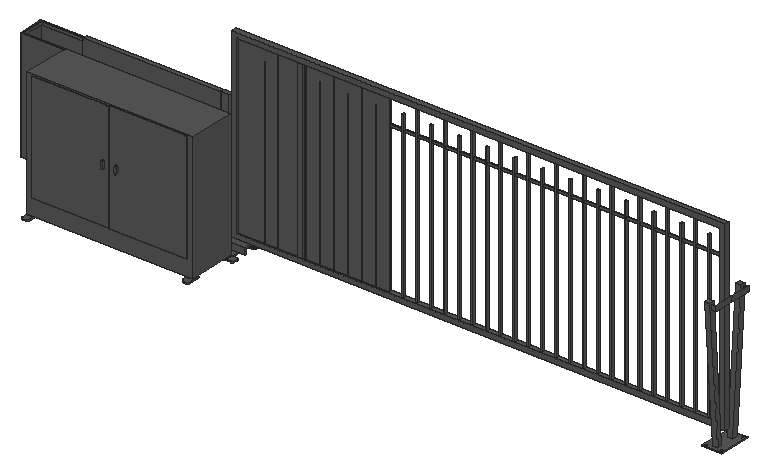
Revit family "1Construction_Fences-&-Traffic-Security_AutoGate_Ohioan-Pivot-Gates", category Specialty Equipment, Revit 2023
Family settings
  Round Connector Dimension = Use Diameter
  Part Type = Normal
  OmniClass Number = 23.25.40.21.21
  OmniClass Title = Gates
  Work Plane-Based = Yes
  Enable Cutting in Views = Yes
  Always vertical = Yes
  Cut with Voids When Loaded = No
  Maintain Annotation Orientation = No
  Shared = No
  Room Calculation Point = No
Parameters (values of type "Ohioan VPG with Finials")
  z_York Pad Clearance [instance] = and(Concrete Pad Min. Clearance, or(Yoke Option = 5, Yoke Option = 6, Yoke Option = 7))  # yes
  z_Yoke Pad 2 [instance] = if(Yoke Option = 5, 9.500", 5.500")  # 5.500"
  z_Yoke Pad 1 [instance] = if(Yoke Option = 5, 3.500", 7.500")  # 7.500"
  z_Vertical Profile Position [instance] = 6.250" + 2.000" * 6.5 + 2 * z_Distance Between Poles  # 28.8125"
  z_Type Index = 1
  z_Pole Height [instance] = Height - 7.000" - 2.000"  # 71.000"
  z_Distance Between Poles [instance] = (Length - 6.250" - 13.250" - 6.500" * (z_No of Poles - 1)) / (z_No of Poles - 1)  # 4.78125"
  z_No of Poles [instance] = roundup((Length - 6.250" - 13.250") / 11.500") + 1  # 17
  z_Mesh End Position [instance] = 6.250" + 5.000" * 6.5 + 5 * z_Distance Between Poles + 0.750"  # 63.40625"
  Yoke Options Note [instance] = "Hover over to see Yoke Options!\r\n0-None\r\n1-Style A – Post Mounted\r\n2-Style B – Post Mounted\r\n3-Style C – Offset Wall or Post Mounted\r\n4-Style D – Wall or Post Mounted\r\n5-Style DA5 – Pad Mounted\r\n6-Style E – Standard Pad Monted\r\n7-Style F – Gate Perpendicular to Wall\r\n8-Style G – Buried in the Ground\r\n9-Style H – Offset Wall or Post Mount \r\n10-Style Dual Split – Primary Reference – Used on 8” Plus Primary/Secondary Setups\r\n11-Style Dual Split – Secondary Reference – Used on 8” Plus Primary/Secondary Setups\r\n12-Style Dual Center – Used on shorter Primary/Secondary Setups"  # constant formula
  Yoke Option [instance] = 6
  Yoke Material [instance] = AutoGate - Steel - Powder Coated - Black
  Yoke [instance] = if(Yoke Option = 1, "Style A", if(Yoke Option = 2, "Style B", if(Yoke Option = 3, "Style C", if(Yoke Option = 4, "Style D", if(Yoke Option = 5, "Style DA5", if(Yoke Option = 6, "Style E", if(Yoke Option = 7, "Style F", if(Yoke Option = 8, "Style G", if(Yoke Option = 9, "Style H", if(Yoke Option = 10, "Style Dual Split - Primary Reference", if(Yoke Option = 11, "Style Dual Split - Secondary Reference", if(Yoke Option = 12, "Style Dual Center", "None"))))))))))))  # "Style E"
  Voltage [instance] = if([240VAC 1PH 20Amp], 240 V, 120 V)  # 120 V
  Version = 1  # constant formula
  URL = "https://www.autogate.com/"
  Righthand Gate [instance] = not(Lefthand Gate)  # no
  Rated Load Current [instance] = 20 A
  Product data url = "https://www.bimobject.com/en/autogate/product/ohioian-pivot-gates"
  Product Page URL = "https://www.autogate.com/vertical-pivot-gates/"
  Product Documentation Link = "https://www.itwredhead.com/portals/0/fmproductcatalog/documents/products/39/trubolttechnicaldata.pdf"
  Power Option [instance] = if([240VAC 1PH 20Amp], "240VAC 1PH 20Amp", "120VAC 1PH 20Amp")  # "120VAC 1PH 20Amp"
  Power Factor [instance] = 1
  Operator to Yoke Length [instance] = Length - 2.000" - 2.400"  # 195.600"
  Number of Poles [instance] = 1  # constant formula
  Model = if(z_Type Index = 1, "Ohioan - VPG with Finials", "Ohoian - VPG w/o Finials")  # "Ohioan - VPG with Finials"
  Lefthand Gate [instance] = yes
  Keynote = "323100"  # constant formula
  Installation instructions = "https://www.itwredhead.com/portals/0/fmproductcatalog/documents/products/95/truboltsubmittal-1.pdf"
  Geometry Note [instance] = "Geometry is generic and used for presentation only. User should contact MFR to create geometry as per wishes and local standards. User should also consult factory for gates over 8’ high as they require special crating and freight arrangements."  # constant formula
  Gate Operator Side Note [instance] = "Hover over to see Gate Operator Side Options!\r\nOptions are:\r\n - Lefthand\r\n - Righthand\r\nPlease Select correct option based on specific situation, for every instance in the project.\r\nHave in mind that left/right side is always defined looking from the Private Side of the gate.\r\nOperator maintenance doors are away in the Private Side."  # constant formula
  Operator Type [instance] = if(Lefthand Gate, "Lefthand VPG2490", "Righthand VPG2490")  # "Lefthand VPG2490"
  Operator Material [instance] = AutoGate - Steel - Powder Coated - Black
  Min Gate Length [instance] = 120.000"  # constant formula
  Min Gate Height [instance] = 48.000"  # constant formula
  Max Gate Length [instance] = 300.000"  # constant formula
  Max Gate Height [instance] = 96.000"  # constant formula
  Length Input [instance] = 200.000"
  Length [instance] = if(Length Input < Min Gate Length, Min Gate Length, if(Length Input > Max Gate Length, Max Gate Length, Length Input))  # 200.000"
  Height Input [instance] = 80.000"
  Height [instance] = if(Height Input < Min Gate Height, Min Gate Height, if(Height Input > Max Gate Height, Max Gate Height, Height Input))  # 80.000"
  Gate Material [instance] = AutoGate - Steel - Powder Coated - Black
  Manufacturer = "AutoGate"  # constant formula
  Fence Post OD Input [instance] = 0.000"
  Fence Post OD [instance] = if(or(Yoke Option = 1, Yoke Option = 2), Fence Post OD Input, 0.000")  # 0.000"
  Description = "Ohoian Vertcal Pivot Gate"  # constant formula
  Default Elevation = 0.000"
  Date Updated = "-"  # constant formula
  Date Created = "2025/09/15"  # constant formula
  Concrete Pad Min. Clearance [instance] = yes
  Barrier Screen Material [instance] = AutoGate - Steel Screen - Powder Coated - Black
  Assembly Code = "G2040100"
  Apparent Load [instance] = 0 VA
  240VAC 1PH 20Amp [instance] = no
  120VAC 1PH 20Amp [instance] = not([240VAC 1PH 20Amp])  # yes
Reference planes (in)
  plane 1 "Center (Front/Back)": y = 0
  plane 2: z = 0
  plane 3 "Center (Left/Right)": x = 0
  plane 4: x = -100
  plane 5: x = 100
  plane 6: z = 5
  plane 7: x = -71.1875
  plane 8: x = 98.625
  plane 9 "delete": z = 90
  plane 10: x = -36.59375
  plane 11: z = -36
  plane 12: y = 9
  plane 13: y = -9
  plane 14: x = 105.5
  plane 15: x = 92.5
  plane 16: y = 9.474
  plane 17: x = -173.5925
  plane 18: x = -91.5925
  plane 19: y = -38.526
  plane 20: z = 80
  plane 21: z = 7
  plane 22: z = 78
  plane 23: z = 68
  plane 24: x = -93.75
  plane 25: x = 86.75
Forms (in)
  Sweep 1, solid, material "AutoGate - Steel - Powder Coated - Black" <- "Gate Material", detail levels medium+fine
    path origin (0, 0, 0) x (1, 0, 0) y (0, 0, 1)
      loop
        line (-71.1875, 77.625) -> (-71.1875, 7.375)
    profile origin (-71.1875, 0, 42.5) x (0, -1, 0) y (1, 0, 0)
      loop
        line (-1, 0) -> (-1, -2) -> (1, -2) -> (1, 0) -> (-1, 0)
  Sweep 2, solid, material "AutoGate - Steel - Powder Coated - Black" <- "Gate Material"
    path origin (-106.3001, 0.375, 48) x (-1, 0, 0) y (0, 0, 1)
      loop
        line (-6.3001, 32) -> (-206.3001, 32) -> (-206.3001, -43) -> (-6.3001, -43) -> (-6.3001, 32)
    profile origin (0, 0.375, 80) x (0, 0, -1) y (0, 1, 0)
      loop
        line (0, -1.375) -> (2, -1.375) -> (2, 0.625) -> (0, 0.625) -> (0, -1.375)
  Extrusion 3, solid, material "AutoGate - Steel Screen - Powder Coated - Black" <- "Barrier Screen Material", detail levels medium+fine
    sketch origin (-116.90053, -180, -36) x (-1, 0, 0) y (0, -1, 0)
      loop
        line (-18.90053, -179.625) -> (-18.90053, -179.525) -> (-80.30678, -179.525) -> (-80.30678, -179.625) -> (-18.90053, -179.625)
    from 43 to 114
  Extrusion 4, solid, material "AutoGate - Steel - Powder Coated - Black" <- "Gate Material", detail levels coarse
    sketch origin (-106.3001, 0.375, 48) x (-1, 0, 0) y (0, 0, 1)
      loop
        line (-8.3001, 30) -> (-204.3001, 30) -> (-204.3001, -41) -> (-8.3001, -41) -> (-8.3001, 30)
    from -0.75 to 0
  Sweep 5, solid, material "AutoGate - Steel - Powder Coated - Black" <- "Gate Material", detail levels medium+fine
    path origin (-106.3001, 0.375, 48) x (-1, 0, 0) y (0, 0, 1)
      loop
        line (-204.3001, 20) -> (-8.3001, 20)
    profile origin (0, 0.375, 68) x (0, 0, 1) y (0, 1, 0)
      loop
        line (0, -0.75) -> (0, 0) -> (-0.75, 0) -> (-0.75, -0.75) -> (0, -0.75)
Lines and regions (in)
  Masking region 1
    outline origin (-116.90053, -180, -36) x (-1, 0, 0) y (0, -1, 0)
      loop
        line (-16.90053, -181) -> (-16.90053, -179) -> (-216.90053, -179) -> (-216.90053, -181) -> (-16.90053, -181)
  model lines, style "AutoGate_Concrete Pad Clearance", visible <- "z_York Pad Clearance"
    curve 1: line (105.5, 9, 0) -> (92.5, 9, 0)
    curve 2: line (105.5, -9, 0) -> (105.5, 9, 0)
    curve 3: line (92.5, -9, 0) -> (105.5, -9, 0)
    curve 4: line (92.5, 9, 0) -> (92.5, -9, 0)
    curve 13: line (105.5, 9, -36) -> (92.5, 9, -36)
    curve 14: line (92.5, 9, -36) -> (92.5, -9, -36)
    curve 15: line (92.5, -9, -36) -> (105.5, -9, -36)
    curve 16: line (105.5, -9, -36) -> (105.5, 9, -36)
    curve 21: line (92.5, 9, 0) -> (92.5, 9, -36)
    curve 22: line (92.5, -9, -36) -> (92.5, -9, 0)
    curve 23: line (105.5, 9, 0) -> (105.5, 9, -36)
    curve 24: line (105.5, -9, -36) -> (105.5, -9, 0)
  model lines, style "AutoGate_Concrete Pad Clearance", visible <- "Concrete Pad Min. Clearance"
    curve 5: line (-91.5925, 9.474, 0) -> (-173.5925, 9.474, 0)
    curve 6: line (-173.5925, -38.526, 0) -> (-173.5925, 9.474, 0)
    curve 7: line (-91.5925, -38.526, 0) -> (-173.5925, -38.526, 0)
    curve 8: line (-91.5925, 9.474, 0) -> (-91.5925, -38.526, 0)
    curve 9: line (-91.5925, 9.474, -36) -> (-173.5925, 9.474, -36)
    curve 10: line (-173.5925, -38.526, -36) -> (-173.5925, 9.474, -36)
    curve 11: line (-91.5925, -38.526, -36) -> (-173.5925, -38.526, -36)
    curve 12: line (-91.5925, 9.474, -36) -> (-91.5925, -38.526, -36)
    curve 17: line (-173.5925, 9.474, 0) -> (-173.5925, 9.474, -36)
    curve 18: line (-173.5925, -38.526, 0) -> (-173.5925, -38.526, -36)
    curve 19: line (-91.5925, -38.526, 0) -> (-91.5925, -38.526, -36)
    curve 20: line (-91.5925, 9.474, 0) -> (-91.5925, 9.474, -36)
Dimensions and locks (in)
  equal spacing: plane 5, plane 3 "Center (Left/Right)", plane 4
  "Length": plane 5 to plane 4
  locked: plane 6 to plane 2 at 5
  Sweep 1 sketch curve to plane 6 = 2.375"
  locked: plane 5 to plane 8 at 1.375
  "z_Vertical Profile Position": plane 7 to plane 4
  "z_Mesh End Position": plane 4 to plane 10
  locked: plane 4 to nested 2 at 2.3125
  locked: nested 2 to plane 1 "Center (Front/Back)" at 0.021
  nested 2 to nested 2 = 17.500"
  plane 2 to plane 11 = 36.000"
  locked: plane 16 to nested 2 at 3
  locked: plane 19 to plane 16 at 48
  locked: plane 17 to plane 18 at 82
  locked: plane 4 to plane 18 at 8.4075
  "z_Yoke Pad 1": plane 15 to plane 5
  "z_Yoke Pad 2": plane 5 to plane 14
  curve 3 to plane 1 "Center (Front/Back)" to curve 1 = 9.000" locked, 9.000" locked
  "Height": plane 20 to plane 2
  locked: Extrusion 4 sketch curve to plane 4 at 2
  locked: plane 5 to Extrusion 4 sketch curve at 2
  Extrusion 4 to plane 1 "Center (Front/Back)" to Extrusion 4 = 0.375" locked, 0.375" locked
  locked: plane 20 to plane 23 at 12
  "z_Pole Height": plane 22 to plane 21
  locked: plane 20 to Sweep 1 sketch curve at 2.375
  locked: plane 21 to plane 2 at 7
  locked: plane 24 to plane 4 at 6.25
  locked: plane 25 to plane 5 at 13.25
  equal spacing: group 1, group 3, group 4, group 5, group 6, group 7, group 8, group 9, group 10, group 11, group 12, group 13, group 14, group 15, group 16, group 17, group 2  (x3)
  locked: Sweep 5 sketch curve to plane 4 at 2
  locked: plane 5 to Sweep 5 sketch curve at 2
  locked: plane 4 to Extrusion 3 sketch curve at 2
  aligned and locked: level to plane 2
  aligned and locked: plane 7 to Sweep 1 sketch curve
  aligned and locked: plane 1 "Center (Front/Back)" to nested 1
  aligned and locked: nested 1 to plane 5
  aligned and locked: nested 1 to plane 2
  aligned and locked: plane 2 to nested 2
  aligned and locked: curve 2 to plane 14
  aligned and locked: curve 4 to plane 15
  aligned and locked: curve 5 to plane 16
  aligned and locked: curve 6 to plane 17
  aligned and locked: curve 7 to plane 19
  aligned and locked: curve 8 to plane 18
  aligned and locked: curve 9 to curve 5
  aligned and locked: curve 10 to plane 17
  aligned and locked: curve 11 to plane 19
  aligned and locked: curve 12 to plane 18
  aligned and locked: curve 13 to curve 1
  aligned and locked: curve 14 to curve 4
  aligned and locked: curve 15 to curve 3
  aligned and locked: curve 16 to curve 2
  aligned and locked: curve 17 to plane 16
  aligned and locked: curve 18 to plane 19
  aligned and locked: plane 19 to curve 19
  aligned and locked: plane 16 to curve 20
  aligned and locked: plane 12 to curve 21
  aligned and locked: curve 22 to plane 13
  aligned and locked: curve 23 to plane 12
  aligned and locked: curve 24 to plane 13
  aligned and locked: plane 4 to Sweep 2 sketch curve
  aligned and locked: Sweep 2 sketch curve to plane 20
  aligned and locked: Sweep 2 sketch curve to plane 6
  aligned and locked: Sweep 2 sketch curve to plane 5
  aligned and locked: plane 10 to Extrusion 3
  aligned and locked: Extrusion 3 to plane 22
  aligned and locked: plane 21 to Extrusion 3
  aligned and locked: plane 22 to Extrusion 4 sketch curve
  aligned and locked: Extrusion 4 sketch curve to plane 21
  aligned and locked: Masking region 1 sketch curve to plane 5
  aligned and locked: Masking region 1 sketch curve to plane 4
  aligned and locked: nested 3 to plane 24
  aligned and locked: nested 3 to plane 21
  aligned and locked: plane 1 "Center (Front/Back)" to nested 3
  aligned and locked: nested 4 to plane 25
  aligned and locked: nested 4 to plane 21
  aligned and locked: plane 1 "Center (Front/Back)" to nested 4
  aligned and locked: plane 23 to Sweep 5 sketch curve
  aligned and locked: Extrusion 3 sketch curve to plane 10
Automatic sketch dimensions
  Sweep 1 sketch curve to profile plane = 0.000"
  Sweep 1 sketch curve to plane 1 "Center (Front/Back)" = 1.000"
  plane 1 "Center (Front/Back)" to Sweep 1 sketch curve = 1.000"
  Sweep 1 sketch curve to Sweep 1 sketch curve = 2.000"
  curve 17 to plane 11 = 0.000"
  curve 18 to plane 11 = 0.000"
  curve 18 to level = 0.000"
  curve 17 to level = 0.000"
  curve 19 to plane 11 = 0.000"
  curve 20 to plane 11 = 0.000"
  curve 20 to level = 0.000"
  curve 19 to level = 0.000"
  curve 21 to plane 11 = 0.000"
  curve 22 to plane 11 = 0.000"
  curve 22 to level = 0.000"
  curve 21 to level = 0.000"
  curve 23 to plane 11 = 0.000"
  curve 24 to plane 11 = 0.000"
  curve 24 to level = 0.000"
  curve 23 to level = 0.000"
  Sweep 2 sketch curve to profile plane = 0.000"
  Sweep 2 sketch curve to Sweep 2 sketch curve = 2.000"  (x2)
  Sweep 2 sketch curve to profile plane = 1.375"
  Masking region 1 sketch curve to plane 1 "Center (Front/Back)" = 1.000"
  plane 1 "Center (Front/Back)" to Masking region 1 sketch curve = 1.000"
  Sweep 5 sketch curve to profile plane = 0.000"
  profile plane to Sweep 5 sketch curve = 0.000"
  profile plane to Sweep 5 sketch curve = 0.750"
  Sweep 5 sketch curve to profile plane = 0.750"
  plane 1 "Center (Front/Back)" to Extrusion 3 sketch curve = 0.475"
  Extrusion 3 sketch curve to Extrusion 3 sketch curve = 0.100"
Nested families (in)
  nested 1: "Yoke" at (100, 0, 0), Fence Post O.D. Input <- "Fence Post OD", type "Yoke"
    with Halfback Out Dia 6.250", Halfback Offset 3.000", Halfback Length B 8.094", Halfback Length A 7.500", Halfback Dia 6.000", Fence Post O.D. Input 0.000", Fence Height 80.000"
  nested 2: "Gate Operator" at (-97.5925, -23.956, 0), type "Gate Operator"
  nested 3: "Poles" at (-93.75, 0, 7), type "Poles"
    with Height 2 66.500", Height 71.000"
  nested 4: "Poles" at (86.75, 0, 7), type "Poles"
    with Height 2 66.500", Height 71.000"
  nested 5: "Poles" at (-82.46875, 0, 7), type "Poles"
    with Height 2 66.500", Height 71.000"
  nested 6: "Poles" at (-71.1875, 0, 7), type "Poles"
    with Height 2 66.500", Height 71.000"
  nested 7: "Poles" at (-59.90625, 0, 7), type "Poles"
    with Height 2 66.500", Height 71.000"
  nested 8: "Poles" at (-48.625, 0, 7), type "Poles"
    with Height 2 66.500", Height 71.000"
  nested 9: "Poles" at (-37.34375, 0, 7), type "Poles"
    with Height 2 66.500", Height 71.000"
  nested 10: "Poles" at (-26.0625, 0, 7), type "Poles"
    with Height 2 66.500", Height 71.000"
  nested 11: "Poles" at (-14.78125, 0, 7), type "Poles"
    with Height 2 66.500", Height 71.000"
  nested 12: "Poles" at (-3.5, 0, 7), type "Poles"
    with Height 2 66.500", Height 71.000"
  nested 13: "Poles" at (7.78125, 0, 7), type "Poles"
    with Height 2 66.500", Height 71.000"
  nested 14: "Poles" at (19.0625, 0, 7), type "Poles"
    with Height 2 66.500", Height 71.000"
  nested 15: "Poles" at (30.34375, 0, 7), type "Poles"
    with Height 2 66.500", Height 71.000"
  nested 16: "Poles" at (41.625, 0, 7), type "Poles"
    with Height 2 66.500", Height 71.000"
  nested 17: "Poles" at (52.90625, 0, 7), type "Poles"
    with Height 2 66.500", Height 71.000"
  nested 18: "Poles" at (64.1875, 0, 7), type "Poles"
    with Height 2 66.500", Height 71.000"
  nested 19: "Poles" at (75.46875, 0, 7), type "Poles"
    with Height 2 66.500", Height 71.000"
Connectors (in)
  electrical at (-164.7675, -14.206, 26.4637), driven by "Number of Poles", driven by "Voltage", driven by "Power Factor", driven by "Apparent Load"
    settings: on nested 2, index 1, voltage 120 V, apparent load 0 VA, apparent load phase1 0 VA, apparent load phase2 0 VA, apparent load phase3 0 VA, power factor 1, load classification "Power", number of poles 1, system type 31, power factor state 1, is connector primary yes, connector utility no, sub classification motor no, connector description "Power"
Definition of nested family "Yoke"
  Parameters (values of type "Yoke")
    Void Bottom G = if(Type_Index = 8, 0.000", 3.000")  # 3.000"
    Void E_F_G = if(or(Type_Index = 6, Type_Index = 7, Type_Index = 8, Type_Index = 6), 0.250", 0.000")  # 0.250"
    Void DA5 = if(Type_Index = 5, 0.250", 0.000")  # 0.000"
    Void D = if(Type_Index = 4, 2.500", 1.000")  # 1.000"
    Void Bottom = if(or(Type_Index = 6, Type_Index = 7, Type_Index = 8), 4.000", if(Type_Index = 8, 2.000", 0.000"))  # 4.000"
    Top Br Offset B_F = if(Type_Index = 7, 5.131", 5.250")  # 5.250"
    Top Br B_F = if(or(Type_Index = 2, Type_Index = 7), 1 = 1, 1 = 0)  # no
    Top Br A_D_DA5_E_G = if(or(Type_Index = 1, Type_Index = 4, Type_Index = 5, Type_Index = 6, Type_Index = 8), 1 = 1, 1 = 0)  # yes
    Post R-F = if(Type_Index = 7, 1 = 1, 1 = 0)  # no
    Post R = if(or(Type_Index = 1, Type_Index = 4, Type_Index = 5, Type_Index = 6, Type_Index = 8), 1 = 1, 1 = 0)  # yes
    Halfback Out Dia [instance] = if(A, Halfback Dia + 0.220", Halfback Dia + 0.250")  # 6.250"
    H = if(Type_Index = 9, 1 = 1, 1 = 0)  # no
    Post L = if(or(Type_Index = 0, Type_Index = 10, Type_Index > 9), 1 = 0, 1 = 1)  # yes
    Halfback Length B [instance] = Halfback Dia + 2.094"  # 8.094"
    Halfback Length A [instance] = Halfback Dia + 1.500"  # 7.500"
    G = if(Type_Index = 8, 1 = 1, 1 = 0)  # no
    F = if(Type_Index = 7, 1 = 1, 1 = 0)  # no
    E = if(Type_Index = 6, 1 = 1, 1 = 0)  # yes
    DS_P = if(Type_Index = 11, 1 = 1, 1 = 0)  # no
    DS_S = if(Type_Index = 10, 1 = 1, 1 = 0)  # no
    DC_DS = or(DS_S, DC, DS_P)  # no
    DC = if(Type_Index = 12, 1 = 1, 1 = 0)  # no
    B = if(Type_Index = 2, 1 = 1, 1 = 0)  # no
    Halfback Offset [instance] = Halfback Dia / 2  # 3.000"
    A = if(Type_Index = 1, 1 = 1, 1 = 0)  # no
    DA5 = if(Type_Index = 5, 1 = 1, 1 = 0)  # no
    Bottom Plate Offset = if(Type_Index = 5, 1.000", if(or(Type_Index = 6, Type_Index = 7), 5.000", 0.000"))  # 5.000"
    Bottom Plate = if(or(Type_Index = 5, Type_Index = 6, Type_Index = 7), 1 = 1, 1 = 0)  # yes
    C = if(Type_Index = 3, 1 = 1, 1 = 0)  # no
    Bottom Br A_D_DA5 = if(or(Type_Index = 1, Type_Index = 4, Type_Index = 5), 1 = 1, 1 = 0)  # no
    Halfback Dia [instance] = if(and(A, Fence Post O.D. Input < 2.000"), 2.000", if(and(A, Fence Post O.D. Input > 8.000"), 8.000", if(A, Fence Post O.D. Input, if(and(B, Fence Post O.D. Input < 2.000"), 2.020", if(and(B, Fence Post O.D. Input > 8.000"), 8.020", if(B, Fence Post O.D. Input + 0.020", 6.000"))))))  # 6.000"
    Type_Index = 6
    Material = none
    Fence Post O.D. Input [instance] = 0.000"
    Fence Height = 84.000"
    Default Elevation = 0.000"
  Reference planes (in)
    plane 1 "Center (Front/Back)": y = 0
    plane 2: z = 0
    plane 3 "Center (Left/Right)": x = 0
    plane 4: z = 54.5
    plane 5: x = -2
    plane 6: z = 0.25
    plane 7: x = -4
    plane 8: x = -6
    plane 9: z = 54
    plane 10: z = 52
    plane 11: y = -8.25
    plane 12: y = 8.25
    plane 13: x = 2
    plane 14: z = 9
    plane 15: z = 11
    plane 16: y = -5.25
    plane 17: y = 5.25
    plane 18: x = 5
    plane 19: y = 3.75
    plane 20: y = -3.75
    plane 21: z = 54.125
    plane 22: z = 51.875
    plane 23: z = 11.125
    plane 24: z = 8.875
    plane 25: y = -4.949
    plane 26: x = 1.5
    plane 27: x = 1.75
    plane 28: y = 8.25
    plane 29: x = 4.047
    plane 30: x = -4.047
    plane 31: x = 1
    plane 32: x = 2
    plane 33: x = 4
    plane 34: x = 2.875
    plane 35: x = 3.125
    plane 36: z = 0
    plane 37: z = -0.25
    plane 38: x = -5
    plane 39: z = 0.25
    plane 40: z = 0
    plane 41: z = 0.5
    plane 42: x = -3
    plane 43: x = -5
    plane 44: z = -36
    plane 45: z = 5
    plane 46: z = 44.5
    plane 47: z = 84
    plane 48: z = 35.69506
    plane 49: z = 33.29506
    plane 50: z = 53.30494
    plane 51: z = 55.70494
    plane 52: z = 62.5
    plane 53: z = 26.5
    plane 54: z = 12.875
    plane 55: z = 76.125
  Forms (in)
    Extrusion 1, solid, material <- "Material", visible <- "Post L"
      sketch origin (0, 0, 0) x (0, 1, 0) y (0, 0, 1)
        loop
          line (-6.73765, 54.5) -> (-8.73277, 54.36049) -> (-4.949, 0.25) -> (-2.94412, 0.25) -> (-6.73765, 54.5)
      from -2 to 0
    Extrusion 2, solid, material <- "Material", visible <- "Post R"
      sketch origin (0, 0, 0) x (0, -1, 0) y (0, 0, -1)
        loop
          line (-6.73808, -54.5) -> (-2.94455, -0.25) -> (-4.94944, -0.25) -> (-8.73321, -54.36049) -> (-6.73808, -54.5)
      from -2 to 0
    Extrusion 3, void
      sketch origin (0, 0, 0) x (0, 1, 0) y (0, 0, 1)
        loop
          line (-3.28646, 5.13951) -> (-5.28159, 5) -> (-5.28159, 0) -> (5.28159, 0) -> (5.28159, 5) -> (3.28646, 5.13951) -> (-3.28646, 5.13951)
      from -4 to -6
    Extrusion 4, solid, material <- "Material", visible <- "Top Br A_D_DA5_E_G"
      sketch origin (0, 0, 0) x (1, 0, 0) y (0, 1, 0)
        loop
          line (0, -8) -> (0, -8.25) -> (2, -8.25) -> (2, 0) -> (2, 8.25) -> (0, 8.25) -> (0, 8) -> (1.75, 8) -> (1.75, 0) -> (1.75, -8) -> (0, -8)
      from 52 to 54
    Extrusion 5, solid, material <- "Material", visible <- "Bottom Br A_D_DA5"
      sketch origin (0, 0, 0) x (1, 0, 0) y (0, 1, 0)
        loop
          line (0, -5) -> (0, -5.25) -> (2, -5.25) -> (2, 0) -> (2, 5.25) -> (0, 5.25) -> (0, 5) -> (1.75, 5) -> (1.75, 0) -> (1.75, -5) -> (0, -5)
      from 9 to 11
    Extrusion 6, solid, material <- "Material", visible <- "A"
      sketch origin (0, 0, 0) x (1, 0, 0) y (0, 1, 0)
        loop
          line (4.72637, 2.9766) -> (4.72637, 3.75) -> (4.63262, 3.75) -> (4.63262, 3.0898)
          arc (4.63262, 3.0898) -> (1.97537, 0) -> (4.63262, -3.0898) r 3.125
          line (4.63262, -3.0898) -> (4.63262, -3.75) -> (4.72637, -3.75) -> (4.72637, -2.9766)
          arc (4.72637, -2.9766) -> (2.10037, 0) -> (4.72637, 2.9766) r 3
        loop
          line (5.27363, -2.9766) -> (5.27363, -3.75) -> (5.36738, -3.75) -> (5.36738, -3.0898)
          arc (5.36738, -3.0898) -> (8.02463, 0) -> (5.36738, 3.0898) r 3.125
          line (5.36738, 3.0898) -> (5.36738, 3.75) -> (5.27363, 3.75) -> (5.27363, 2.9766)
          arc (5.27363, 2.9766) -> (7.89963, 0) -> (5.27363, -2.9766) r 3
      from 51.875 to 54.125
    Extrusion 7, solid, material <- "Material", visible <- "A"
      sketch origin (0, 0, -20) x (1, 0, 0) y (0, 1, 0)
        loop
          line (4.72637, 2.9766) -> (4.72637, 3.75) -> (4.63262, 3.75) -> (4.63262, 3.0898)
          arc (4.63262, 3.0898) -> (1.97537, 0) -> (4.63262, -3.0898) r 3.125
          line (4.63262, -3.0898) -> (4.63262, -3.75) -> (4.72637, -3.75) -> (4.72637, -2.9766)
          arc (4.72637, -2.9766) -> (2.10037, 0) -> (4.72637, 2.9766) r 3
        loop
          line (5.27363, -2.9766) -> (5.27363, -3.75) -> (5.36738, -3.75) -> (5.36738, -3.0898)
          arc (5.36738, -3.0898) -> (8.02463, 0) -> (5.36738, 3.0898) r 3.125
          line (5.36738, 3.0898) -> (5.36738, 3.75) -> (5.27363, 3.75) -> (5.27363, 2.9766)
          arc (5.27363, 2.9766) -> (7.89963, 0) -> (5.27363, -2.9766) r 3
      from 28.875 to 31.125
    Extrusion 8, solid, material <- "Material", visible <- "B"
      sketch origin (0, 0, 0) x (0, 1, 0) y (0, 0, 1)
        loop
          line (-1, 54) -> (-1, 9) -> (1, 9) -> (1, 54) -> (-1, 54)
      from 1.5 to 1.75
    Extrusion 9, solid, material <- "Material", visible <- "Top Br B_F"
      sketch origin (0, 0, 0) x (1, 0, 0) y (0, 1, 0)
        loop
          line (0, -7.24946) -> (2, -7.24946) -> (2, 5.25) -> (0, 5.25) -> (0, 5) -> (1.75, 5) -> (1.75, -6.99946) -> (0, -6.99946) -> (0, -7.24946)
      from 52 to 54
    Extrusion 10, solid, material <- "Material", visible <- "B"
      sketch origin (0, 0, 0) x (1, 0, 0) y (0, 1, 0)
        loop
          line (0, -5.25) -> (2, -5.25) -> (2, 5.25) -> (0, 5.25) -> (0, 5) -> (1.75, 5) -> (1.75, -5) -> (0, -5) -> (0, -5.25)
      from 9 to 11
    Extrusion 11, solid, material <- "Material", visible <- "B"
      sketch origin (0, 0, 0) x (1, 0, 0) y (0, 1, 0)
        loop
          arc (3.06198, 8.74037) -> (0, 11.24094) -> (-3.06198, 8.74037) r 3.125
          line (-3.06198, 8.74037) -> (-4.047, 8.74037) -> (-4.047, 8.61537) -> (-2.95814, 8.61537)
          arc (-2.95814, 8.61537) -> (0, 11.11594) -> (2.95814, 8.61537) r 3
          line (2.95814, 8.61537) -> (4.047, 8.61537) -> (4.047, 8.74037) -> (3.06198, 8.74037)
        loop
          arc (-3.06176, 7.75963) -> (0, 5.26014) -> (3.06176, 7.75963) r 3.125
          line (3.06176, 7.75963) -> (4.047, 7.75963) -> (4.047, 7.88463) -> (2.95795, 7.88463)
          arc (2.95795, 7.88463) -> (0, 5.38514) -> (-2.95795, 7.88463) r 3
          line (-2.95795, 7.88463) -> (-4.047, 7.88463) -> (-4.047, 7.75963) -> (-3.06176, 7.75963)
      from 51.875 to 54.125
    Extrusion 12, solid, material <- "Material", visible <- "B"
      sketch origin (0, 0, 0) x (1, 0, 0) y (0, 1, 0)
        loop
          arc (3.06198, 8.74037) -> (0, 11.24094) -> (-3.06198, 8.74037) r 3.125
          line (-3.06198, 8.74037) -> (-4.047, 8.74037) -> (-4.047, 8.61537) -> (-2.95814, 8.61537)
          arc (-2.95814, 8.61537) -> (0, 11.11594) -> (2.95814, 8.61537) r 3
          line (2.95814, 8.61537) -> (4.047, 8.61537) -> (4.047, 8.74037) -> (3.06198, 8.74037)
        loop
          arc (-3.06176, 7.75963) -> (0, 5.26014) -> (3.06176, 7.75963) r 3.125
          line (3.06176, 7.75963) -> (4.047, 7.75963) -> (4.047, 7.88463) -> (2.95795, 7.88463)
          arc (2.95795, 7.88463) -> (0, 5.38514) -> (-2.95795, 7.88463) r 3
          line (-2.95795, 7.88463) -> (-4.047, 7.88463) -> (-4.047, 7.75963) -> (-3.06176, 7.75963)
      from 8.875 to 11.125
    Extrusion 13, void
      sketch origin (0, 0, 0) x (0, 1, 0) y (0, 0, 1)
        loop
          circle (-0.49956, 53.5) r 0.1405
        loop
          circle (0.50044, 52.5) r 0.1405
        loop
          circle (-0.49956, 10.5) r 0.1405
        loop
          circle (0.50044, 9.5) r 0.1405
      from 0 to 1
    Extrusion 14, solid, material <- "Material", visible <- "DA5"
      sketch origin (0, 0, 0) x (0, 1, 0) y (0, 0, 1)
        loop
          line (-6.73765, 54.5) -> (-8.73277, 54.36049) -> (-5.28115, 5.00003) -> (-3.28603, 5.13954) -> (-6.73765, 54.5)
        loop
          line (6.73765, 54.5) -> (3.28603, 5.13954) -> (5.28115, 5.00003) -> (8.73277, 54.36049) -> (6.73765, 54.5)
      from 2 to 4
    Extrusion 15, solid, material <- "Material", visible <- "DA5"
      sketch origin (0, 0, 0) x (1, 0, 0) y (0, 1, 0)
        loop
          line (2, -8) -> (0.25, -8) -> (0.25, 0) -> (0.25, 8) -> (2, 8) -> (2, 8.25) -> (0, 8.25) -> (0, 0) -> (0, -8.25) -> (2, -8.25) -> (2, -8)
      from 52 to 54
    Extrusion 16, solid, material <- "Material", visible <- "DA5"
      sketch origin (0, 0, 0) x (1, 0, 0) y (0, 1, 0)
        loop
          line (2, -5) -> (0.25, -5) -> (0.25, 0) -> (0.25, 5) -> (2, 5) -> (2, 5.25) -> (0, 5.25) -> (0, 0) -> (0, -5.25) -> (2, -5.25) -> (2, -5)
      from 9 to 11
    Extrusion 17, solid, material <- "Material", visible <- "DA5"
      sketch origin (0, 0, 0) x (1, 0, 0) y (0, 1, 0)
        loop
          arc (2.375, 1.99746) -> (2.10983, 1.88762) -> (2, 1.62246) r 0.375
          line (2, 1.62246) -> (2, -1.62246)
          arc (2, -1.62246) -> (2.10983, -1.88762) -> (2.375, -1.99746) r 0.375
          line (2.375, -1.99746) -> (3.625, -1.99746)
          arc (3.625, -1.99746) -> (3.89017, -1.88762) -> (4, -1.62246) r 0.375
          line (4, -1.62246) -> (4, 1.62246)
          arc (4, 1.62246) -> (3.89017, 1.88762) -> (3.625, 1.99746) r 0.375
          line (3.625, 1.99746) -> (2.375, 1.99746)
      from 0.25 to 54.5
    Extrusion 18, solid, material <- "Material", visible <- "Bottom Plate"
      sketch origin (0, 0, 0) x (1, 0, 0) y (0, 1, 0)
        loop
          line (3, 6.5) -> (-5, 6.5) -> (-5, -6.5) -> (3, -6.5) -> (3, 6.5)
      from 0 to 0.25
    Extrusion 19, solid, material <- "Material", visible <- "DA5"
      sketch origin (0, 0, 0) x (0, 1, 0) y (0, 0, 1)
        loop
          line (-2, 4.5) -> (-4.25, 2.25) -> (-4.25, 0.25) -> (-2, 0.25) -> (-2, 4.5)
        loop
          line (4.25, 0.25) -> (4.25, 2.25) -> (2, 4.5) -> (2, 0.25) -> (4.25, 0.25)
      from 2.875 to 3.125
    Extrusion 20, void
      sketch origin (0, 0, 0) x (1, 0, 0) y (0, 1, 0)
        loop
          circle (0, 0) r 0.3125
        loop
          circle (6, 0) r 0.3125
        loop
          circle (3, 5.5) r 0.3125
        loop
          circle (3, -5.5) r 0.3125
      from -0.25 to 0
    Extrusion 21, void
      sketch origin (0, 0, 0) x (1, 0, 0) y (0, 1, 0)
        loop
          circle (-4, 5.5) r 0.406
        loop
          circle (2, 5.5) r 0.406
        loop
          circle (2, -5.5) r 0.406
        loop
          circle (-4, -5.5) r 0.406
      from 0 to 0.25
    Extrusion 22, solid, material <- "Material", visible <- "Post R-F"
      sketch origin (0, 0, 0) x (0, 1, 0) y (0, 0, 1)
        loop
          line (4.00044, 54.5) -> (4.00044, 0.25) -> (6.00044, 0.25) -> (6.00044, 54.5) -> (4.00044, 54.5)
      from -2 to 0
    Extrusion 23, solid, material <- "Material", visible <- "H"
      sketch origin (0, 0, 0) x (0, 1, 0) y (0, 0, 1)
        loop
          line (4.00044, 54) -> (4.00044, 9) -> (6.00044, 9) -> (6.00044, 54) -> (4.00044, 54)
      from 1.5 to 1.75
    Extrusion 24, solid, material <- "Material", visible <- "H"
      sketch origin (0, 0, 0) x (1, 0, 0) y (0, 1, 0)
        loop
          line (0, -7.25) -> (2, -7.25) -> (2, 9.25) -> (-2.25, 9.25) -> (-2.25, 9) -> (1.75, 9) -> (1.75, -7) -> (0, -7) -> (0, -7.25)
      from 52 to 54
    Extrusion 25, solid, material <- "Material", visible <- "H"
      sketch origin (0, 0, 0) x (1, 0, 0) y (0, 1, 0)
        loop
          line (-2.25, 9) -> (1.75, 9) -> (1.75, -5) -> (0, -5) -> (0, -5.25) -> (2, -5.25) -> (2, 9.25) -> (-2.25, 9.25) -> (-2.25, 9)
      from 9 to 11
    Extrusion 26, void
      sketch origin (0, 0, 0) x (0, 1, 0) y (0, 0, 1)
        loop
          line (-5.25, 0) -> (5.25, 0) -> (5.25, 0.5) -> (-5.25, 0.5) -> (-5.25, 0)
      from -5 to -3
    Extrusion 27, solid, material <- "Material", visible <- "G"
      sketch origin (0, 0, 0) x (0, 1, 0) y (0, 0, 1)
        loop
          line (5.25, 0.5) -> (-5.25, 0.5) -> (-5.25, 0) -> (5.25, 0) -> (5.25, 0.5)
      from -5 to -3
    Extrusion 28, solid, material <- "Material", visible <- "G"
      sketch origin (0, 0, 0) x (1, 0, 0) y (0, 1, 0)
        loop
          line (-5, 1) -> (-5, -1) -> (0, -1) -> (0, 1) -> (-5, 1)
      from -36 to 0
    Extrusion 29, solid, material <- "Material", visible <- "G"
      sketch origin (0, 0, 0) x (0, 1, 0) y (0, 0, 1)
        loop
          line (-3.99956, -28.73012) -> (-3.99956, -29.48012) -> (4.00044, -29.48012) -> (4.00044, -28.73012) -> (-3.99956, -28.73012)
      from -5.75 to -5
    Extrusion 30, solid, material <- "Material", visible <- "C"
      sketch origin (0, 0, 0) x (1, 0, 0) y (0, 1, 0)
        loop
          line (0, -7.24999) -> (2, -7.24999) -> (2, 4.75) -> (6, 4.75) -> (6, 5) -> (1.75, 5) -> (1.75, -6.99999) -> (0, -6.99999) -> (0, -7.24999)
      from 52 to 54
    Extrusion 31, solid, material <- "Material", visible <- "C"
      sketch origin (0, 0, 0) x (1, 0, 0) y (0, 1, 0)
        loop
          line (2, 4.75) -> (6, 4.75) -> (6, 5) -> (1.75, 5) -> (1.75, -5) -> (0, -5) -> (0, -5.25) -> (2, -5.25) -> (2, 4.75)
      from 9 to 11
    Extrusion 32, solid, material <- "Material", visible <- "DC"
      sketch origin (0, 0, 0) x (1, 0, 0) y (0, 1, 0)
        loop
          line (1.6, 3.25) -> (0, 3.25) -> (0, -3.25) -> (1.6, -3.25) -> (1.6, -3.05) -> (0.2, -3.05) -> (0.2, 3.05) -> (1.6, 3.05) -> (1.6, 3.25)
      from 33.29506 to 35.69506
    Extrusion 33, solid, material <- "Material", visible <- "DC"
      sketch origin (0, 0, 0) x (1, 0, 0) y (0, 1, 0)
        loop
          line (-3.4, 3.25) -> (-5, 3.25) -> (-5, -3.25) -> (-3.4, -3.25) -> (-3.4, -3.05) -> (-4.8, -3.05) -> (-4.8, 3.05) -> (-3.4, 3.05) -> (-3.4, 3.25)
      from 53.30494 to 55.70494
    Sweep 34, solid, material <- "Material", visible <- "DC"
      path origin (0, 0, 0) x (0, 1, 0) y (0, 0, 1)
        loop
          line (4.52916, 62.5) -> (3.05, 56.5) -> (3.05, 32.5) -> (4.52916, 26.5)
      profile origin (0, 3.05, 44.5) x (1, 0, 0) y (0, 1, 0)
        loop
          line (3.2, 0) -> (3.2, 0.875) -> (3.1, 0.875) -> (3.1, 0.1) -> (1.7, 0.1) -> (1.7, 0.875) -> (1.6, 0.875) -> (1.6, 0) -> (3.2, 0)
    Sweep 35, solid, material <- "Material", visible <- "DC"
      path origin (0, 0, 0) x (0, 1, 0) y (0, 0, 1)
        loop
          line (-4.52916, 62.5) -> (-3.05, 56.5) -> (-3.05, 32.5) -> (-4.52916, 26.5)
      profile origin (0, -3.05, 44.5) x (1, 0, 0) y (0, 1, 0)
        loop
          line (3.2, 0) -> (1.6, 0) -> (1.6, -0.875) -> (1.7, -0.875) -> (1.7, -0.1) -> (3.1, -0.1) -> (3.1, -0.875) -> (3.2, -0.875) -> (3.2, 0)
    Extrusion 36, solid, material <- "Material", visible <- "DS_S"
      sketch origin (0, 0, 0) x (1, 0, 0) y (0, 1, 0)
        loop
          line (1.6, 3.25) -> (0, 3.25) -> (0, -3.25) -> (1.6, -3.25) -> (1.6, -3.05) -> (0.2, -3.05) -> (0.2, 3.05) -> (1.6, 3.05) -> (1.6, 3.25)
      from 11.275 to 14.475
    Sweep 37, solid, material <- "Material", visible <- "DS_S"
      path origin (0, 0, 0) x (0, 1, 0) y (0, 0, 1)
        loop
          line (4.30729, 20.75) -> (3.05, 15.65) -> (3.05, 10.1) -> (4.30729, 5)
      profile origin (0, 3.05, 12.875) x (1, 0, 0) y (0, 1, 0)
        loop
          line (1.6, 0) -> (3.2, 0) -> (3.2, 0.875) -> (3.1, 0.875) -> (3.1, 0.1) -> (1.7, 0.1) -> (1.7, 0.875) -> (1.6, 0.875) -> (1.6, 0)
    Sweep 38, solid, material <- "Material", visible <- "DS_S"
      path origin (0, 0, 0) x (0, 1, 0) y (0, 0, 1)
        loop
          line (-4.30729, 20.75) -> (-3.05, 15.65) -> (-3.05, 10.1) -> (-4.30729, 5)
      profile origin (0, -3.05, 12.875) x (1, 0, 0) y (0, 1, 0)
        loop
          line (1.6, -0.875) -> (1.7, -0.875) -> (1.7, -0.1) -> (3.1, -0.1) -> (3.1, -0.875) -> (3.2, -0.875) -> (3.2, 0) -> (1.6, 0) -> (1.6, -0.875)
    Extrusion 39, solid, material <- "Material", visible <- "DS_P"
      sketch origin (0, 0, 0) x (1, 0, 0) y (0, 1, 0)
        loop
          line (1.6, 3.25) -> (0, 3.25) -> (0, -3.25) -> (1.6, -3.25) -> (1.6, -3.05) -> (0.2, -3.05) -> (0.2, 3.05) -> (1.6, 3.05) -> (1.6, 3.25)
      from 74.525 to 77.725
    Sweep 40, solid, material <- "Material", visible <- "DS_P"
      path origin (0, 0, 0) x (0, 1, 0) y (0, 0, 1)
        loop
          line (4.30729, 68.25) -> (3.05, 73.35) -> (3.05, 78.9) -> (4.30729, 84)
      profile origin (0, 3.05, 76.125) x (0, -1, 0) y (1, 0, 0)
        loop
          line (-0.875, 3.2) -> (-0.875, 3.1) -> (-0.1, 3.1) -> (-0.1, 1.7) -> (-0.875, 1.7) -> (-0.875, 1.6) -> (0, 1.6) -> (0, 3.2) -> (-0.875, 3.2)
    Sweep 41, solid, material <- "Material", visible <- "DS_P"
      path origin (0, 0, 0) x (0, 1, 0) y (0, 0, 1)
        loop
          line (-4.30729, 68.25) -> (-3.05, 73.35) -> (-3.05, 78.9) -> (-4.30729, 84)
      profile origin (0, -3.05, 76.125) x (0, -1, 0) y (1, 0, 0)
        loop
          line (0.875, 1.6) -> (0.875, 1.7) -> (0.1, 1.7) -> (0.1, 3.1) -> (0.875, 3.1) -> (0.875, 3.2) -> (0, 3.2) -> (0, 1.6) -> (0.875, 1.6)
  Cuts and joins
    Extrusion 3, Extrusion 26 cuts Extrusion 1
    Extrusion 3, Extrusion 26 cuts Extrusion 2
    Extrusion 13 cuts Extrusion 4
    Extrusion 13 cuts Extrusion 5
    Extrusion 20, Extrusion 21 cuts Extrusion 18
  Lines and regions (in)
    Masking region 1, visible <- "Top Br A_D_DA5_E_G"
      outline origin (0, 0, 0) x (1, 0, 0) y (0, 1, 0)
        loop
          line (0, 8) -> (1.75, 8) -> (1.75, 0) -> (1.75, -8) -> (0, -8) -> (0, -8.25) -> (2, -8.25) -> (2, 0) -> (2, 8.25) -> (0, 8.25) -> (0, 8)
    Masking region 2, visible <- "Top Br A_D_DA5_E_G"
      outline origin (0, 0, 0) x (1, 0, 0) y (0, 1, 0)
        loop
          line (0, -5) -> (0, -5.25) -> (1.75, -5.25) -> (1.75, -5) -> (0, -5)
        loop
          line (1.75, 5) -> (1.75, 5.25) -> (0, 5.25) -> (0, 5) -> (1.75, 5)
    Masking region 3, visible <- "Post R"
      outline origin (0, 0, 0) x (1, 0, 0) y (0, 1, 0)
        loop
          line (-2, 8.73321) -> (-2, 6.73808) -> (0, 6.73808) -> (0, 8.73321) -> (-2, 8.73321)
    Masking region 4, visible <- "Post R"
      outline origin (0, 0, 0) x (1, 0, 0) y (0, 1, 0)
        loop
          line (-2, 3.28646) -> (0, 3.28646) -> (0, 6.73808) -> (-2, 6.73808) -> (-2, 3.28646)
    Masking region 5, visible <- "Post L"
      outline origin (0, 0, 0) x (1, 0, 0) y (0, 1, 0)
        loop
          line (-2, -8.73321) -> (0, -8.73321) -> (0, -6.73808) -> (-2, -6.73808) -> (-2, -8.73321)
    Masking region 6, visible <- "Post L"
      outline origin (0, 0, 0) x (1, 0, 0) y (0, 1, 0)
        loop
          line (0, -6.73808) -> (0, -3.28603) -> (-2, -3.28603) -> (-2, -6.73808) -> (0, -6.73808)
    Masking region 7, visible <- "A"
      outline origin (0, 0, 0) x (1, 0, 0) y (0, 1, 0)
        loop
          line (4.72637, 2.9766) -> (4.72637, 3.75) -> (4.63262, 3.75) -> (4.63262, 3.0898)
          arc (4.63262, 3.0898) -> (1.97537, 0) -> (4.63262, -3.0898) r 3.125
          line (4.63262, -3.0898) -> (4.63262, -3.75) -> (4.72637, -3.75) -> (4.72637, -2.9766)
          arc (4.72637, -2.9766) -> (2.10037, 0) -> (4.72637, 2.9766) r 3
        loop
          line (5.27363, -2.9766) -> (5.27363, -3.75) -> (5.36738, -3.75) -> (5.36738, -3.0898)
          arc (5.36738, -3.0898) -> (8.02463, 0) -> (5.36738, 3.0898) r 3.125
          line (5.36738, 3.0898) -> (5.36738, 3.75) -> (5.27363, 3.75) -> (5.27363, 2.9766)
          arc (5.27363, 2.9766) -> (7.89963, 0) -> (5.27363, -2.9766) r 3
    Masking region 8, visible <- "Top Br B_F"
      outline origin (0, 0, 0) x (1, 0, 0) y (0, 1, 0)
        loop
          line (0, -7.24946) -> (2, -7.24946) -> (2, 5.25) -> (0, 5.25) -> (0, 5) -> (1.75, 5) -> (1.75, -6.99946) -> (0, -6.99946) -> (0, -7.24946)
    Masking region 9, visible <- "B"
      outline origin (0, 0, 0) x (1, 0, 0) y (0, 1, 0)
        loop
          line (0, -5.25) -> (1.75, -5.25) -> (1.75, -5) -> (0, -5) -> (0, -5.25)
    Masking region 10, visible <- "B"
      outline origin (0, 0, 0) x (1, 0, 0) y (0, 1, 0)
        loop
          arc (3.06198, 8.74037) -> (0, 11.24094) -> (-3.06198, 8.74037) r 3.125
          line (-3.06198, 8.74037) -> (-4.047, 8.74037) -> (-4.047, 8.61537) -> (-2.95814, 8.61537)
          arc (-2.95814, 8.61537) -> (0, 11.11594) -> (2.95814, 8.61537) r 3
          line (2.95814, 8.61537) -> (4.047, 8.61537) -> (4.047, 8.74037) -> (3.06198, 8.74037)
        loop
          arc (-3.06176, 7.75963) -> (0, 5.26014) -> (3.06176, 7.75963) r 3.125
          line (3.06176, 7.75963) -> (4.047, 7.75963) -> (4.047, 7.88463) -> (2.95795, 7.88463)
          arc (2.95795, 7.88463) -> (0, 5.38514) -> (-2.95795, 7.88463) r 3
          line (-2.95795, 7.88463) -> (-4.047, 7.88463) -> (-4.047, 7.75963) -> (-3.06176, 7.75963)
    Masking region 11, visible <- "B"
      outline origin (0, 0, 0) x (1, 0, 0) y (0, 1, 0)
        loop
          line (1.5, 1) -> (1.5, -1) -> (1.75, -1) -> (1.75, 1) -> (1.5, 1)
    Masking region 12, visible <- "C"
      outline origin (0, 0, 0) x (1, 0, 0) y (0, 1, 0)
        loop
          line (0, -7.24999) -> (2, -7.24999) -> (2, 4.75) -> (6, 4.75) -> (6, 5) -> (1.75, 5) -> (1.75, -6.99999) -> (0, -6.99999) -> (0, -7.24999)
    Masking region 13, visible <- "C"
      outline origin (0, 0, 0) x (1, 0, 0) y (0, 1, 0)
        loop
          line (1.75, -5) -> (0, -5) -> (0, -5.25) -> (1.75, -5.25) -> (1.75, -5)
    Masking region 14, visible <- "DA5"
      outline origin (0, 0, 0) x (1, 0, 0) y (0, 1, 0)
        loop
          line (2, -8) -> (0.25, -8) -> (0.25, 0) -> (0.25, 8) -> (2, 8) -> (2, 8.25) -> (0, 8.25) -> (0, 0) -> (0, -8.25) -> (2, -8.25) -> (2, -8)
    Masking region 15, visible <- "DA5"
      outline origin (0, 0, 0) x (1, 0, 0) y (0, 1, 0)
        loop
          line (2, 8.73277) -> (2, 6.73765) -> (4, 6.73765) -> (4, 8.73277) -> (2, 8.73277)
        loop
          line (2, -8.73277) -> (4, -8.73277) -> (4, -6.73765) -> (2, -6.73765) -> (2, -8.73277)
        loop
          line (-1.125, 4.25) -> (-1.125, 2) -> (-0.875, 2) -> (-0.875, 4.25) -> (-1.125, 4.25)
        loop
          line (-0.875, -4.25) -> (-0.875, -2) -> (-1.125, -2) -> (-1.125, -4.25) -> (-0.875, -4.25)
    Masking region 16, visible <- "DA5"
      outline origin (0, 0, 0) x (1, 0, 0) y (0, 1, 0)
        loop
          line (4, 3.28603) -> (4, 6.73765) -> (2, 6.73765) -> (2, 3.28603) -> (4, 3.28603)
        loop
          line (4, -3.28603) -> (2, -3.28603) -> (2, -6.73765) -> (4, -6.73765) -> (4, -3.28603)
        loop
          arc (0, 1.62246) -> (-0.10983, 1.88762) -> (-0.375, 1.99746) r 0.375
          line (-0.375, 1.99746) -> (-1.625, 1.99746)
          arc (-1.625, 1.99746) -> (-1.89017, 1.88762) -> (-2, 1.62246) r 0.375
          line (-2, 1.62246) -> (-2, -1.62246)
          arc (-2, -1.62246) -> (-1.89017, -1.88762) -> (-1.625, -1.99746) r 0.375
          line (-1.625, -1.99746) -> (-0.375, -1.99746)
          arc (-0.375, -1.99746) -> (-0.10983, -1.88762) -> (0, -1.62246) r 0.375
          line (0, -1.62246) -> (0, 1.62246)
    Masking region 17, visible <- "H"
      outline origin (0, 0, 0) x (1, 0, 0) y (0, 1, 0)
        loop
          line (0, -7.25) -> (2, -7.25) -> (2, 9.25) -> (-2.25, 9.25) -> (-2.25, 9) -> (1.75, 9) -> (1.75, -7) -> (0, -7) -> (0, -7.25)
    Masking region 18, visible <- "H"
      outline origin (0, 0, 0) x (1, 0, 0) y (0, 1, 0)
        loop
          line (1.75, -5) -> (0, -5) -> (0, -5.25) -> (1.75, -5.25) -> (1.75, -5)
        loop
          line (1.5, 6.00044) -> (1.5, 4.00044) -> (1.75, 4.00044) -> (1.75, 6.00044) -> (1.5, 6.00044)
    Masking region 19, visible <- "DC_DS"
      outline origin (0, 0, 0) x (1, 0, 0) y (0, 1, 0)
        loop
          line (1.6, 3.25) -> (0, 3.25) -> (0, -3.25) -> (1.6, -3.25) -> (1.6, -3.05) -> (0.2, -3.05) -> (0.2, 3.05) -> (1.6, 3.05) -> (1.6, 3.25)
        loop
          line (1.6, 5.37873) -> (1.6, 4.52916) -> (3.2, 4.52916) -> (3.2, 5.37873) -> (3.1, 5.37873) -> (3.1, 4.62626) -> (1.7, 4.62626) -> (1.7, 5.37873) -> (1.6, 5.37873)
        loop
          line (1.6, -5.37873) -> (1.7, -5.37873) -> (1.7, -4.62626) -> (3.1, -4.62626) -> (3.1, -5.37873) -> (3.2, -5.37873) -> (3.2, -4.52916) -> (1.6, -4.52916) -> (1.6, -5.37873)
    Masking region 20, visible <- "DC_DS"
      outline origin (0, 0, 0) x (1, 0, 0) y (0, 1, 0)
        loop
          line (1.6, 4.52916) -> (1.6, 3.05) -> (3.2, 3.05) -> (3.2, 4.52916) -> (1.6, 4.52916)
        loop
          line (1.6, -3.05) -> (1.6, -4.52916) -> (3.2, -4.52916) -> (3.2, -3.05) -> (1.6, -3.05)
    Masking region 21, visible <- "G"
      outline origin (0, 0, 0) x (1, 0, 0) y (0, 1, 0)
        loop
          line (0, 1.00044) -> (0, 3.28646) -> (-2, 3.28646) -> (-2, 1.00044) -> (0, 1.00044)
        loop
          line (0, -1.00044) -> (-2, -1.00044) -> (-2, -3.28646) -> (0, -3.28646) -> (0, -1.00044)
    Masking region 22, visible <- "G"
      outline origin (0, 0, 0) x (1, 0, 0) y (0, 1, 0)
        loop
          line (-2.75, 1.00044) -> (-2, 1.00044) -> (-2, 4.00044) -> (-2.75, 4.00044) -> (-2.75, 1.00044)
        loop
          line (-2.75, -1.00044) -> (-2.75, -4.00044) -> (-2, -4.00044) -> (-2, -1.00044) -> (-2.75, -1.00044)
    Masking region 23, visible <- "F"
      outline origin (0, 0, 0) x (1, 0, 0) y (0, 1, 0)
        loop
          circle (-4, 5.5) r 0.406
        loop
          circle (-4, -5.5) r 0.406
        loop
          line (3, 6.5) -> (-5, 6.5) -> (-5, 1) -> (0, 1) -> (0, -1) -> (-5, -1) -> (-5, -6.5) -> (-2, -6.5) -> (-2, -3.28603) -> (0, -3.28603) -> (0, -6.5) -> (1.75, -6.5) -> (1.75, -5.8199)
          arc (1.75, -5.8199) -> (1.594, -5.5) -> (1.75, -5.1801) r 0.406
          line (1.75, -5.1801) -> (1.75, 4.881) -> (0, 4.881) -> (0, 4.00044) -> (-2, 4.00044) -> (-2, 6.00044) -> (0, 6.00044) -> (0, 5.131) -> (1.83066, 5.131)
          arc (1.83066, 5.131) -> (2.08667, 5.89664) -> (2, 5.094) r 0.406
          line (2, 5.094) -> (2, -5.094)
          arc (2, -5.094) -> (2.406, -5.5) -> (2, -5.906) r 0.406
          line (2, -5.906) -> (2, -6.5) -> (3, -6.5) -> (3, 6.5)
    Masking region 24, visible <- "F"
      outline origin (0, 0, 0) x (1, 0, 0) y (0, 1, 0)
        loop
          line (0, 6.00044) -> (-2, 6.00044) -> (-2, 4.00044) -> (0, 4.00044) -> (0, 6.00044)
    Masking region 25, visible <- "E"
      outline origin (0, 0, 0) x (1, 0, 0) y (0, 1, 0)
        loop
          line (-2, 6.5) -> (-5, 6.5) -> (-5, 1) -> (0, 1) -> (0, -1) -> (-5, -1) -> (-5, -6.5) -> (-2, -6.5) -> (-2, -3.28603) -> (0, -3.28603) -> (0, -5) -> (1.75, -5) -> (1.75, 5) -> (0, 5) -> (0, 3.28646) -> (-2, 3.28646) -> (-2, 6.5)
        loop
          line (0, 5.25) -> (1.6801, 5.25)
          arc (1.6801, 5.25) -> (1.59702, 5.54943) -> (1.75, 5.8199) r 0.406
          line (1.75, 5.8199) -> (1.75, 6.5) -> (0, 6.5) -> (0, 5.25)
        loop
          arc (2, 5.906) -> (2.406, 5.5) -> (2, 5.094) r 0.406
          line (2, 5.094) -> (2, -5.094)
          arc (2, -5.094) -> (2.406, -5.5) -> (2, -5.906) r 0.406
          line (2, -5.906) -> (2, -6.5) -> (3, -6.5) -> (3, 6.5) -> (2, 6.5) -> (2, 5.906)
        loop
          arc (1.75, -5.8199) -> (1.59702, -5.54943) -> (1.6801, -5.25) r 0.406
          line (1.6801, -5.25) -> (0, -5.25) -> (0, -6.5) -> (1.75, -6.5) -> (1.75, -5.8199)
        loop
          circle (-4, 5.5) r 0.406
        loop
          circle (-4, -5.5) r 0.406
    Masking region 26, visible <- "DA5"
      outline origin (0, 0, 0) x (1, 0, 0) y (0, 1, 0)
        loop
          line (2, -1.62246) -> (2, -6.5) -> (4, -6.5) -> (4, -1.62246)
          arc (4, -1.62246) -> (3.89017, -1.88762) -> (3.625, -1.99746) r 0.375
          line (3.625, -1.99746) -> (3.125, -1.99746) -> (3.125, -4.25) -> (2.875, -4.25) -> (2.875, -1.99746) -> (2.375, -1.99746)
          arc (2.375, -1.99746) -> (2.10983, -1.88762) -> (2, -1.62246) r 0.375
        loop
          circle (3, -5.5) r 0.3125
        loop
          line (0, -5.25) -> (0, -6.5) -> (1.75, -6.5) -> (1.75, -5.25) -> (0, -5.25)
        loop
          line (6, -5.25) -> (4.25, -5.25) -> (4.25, -6.5) -> (6, -6.5) -> (6, -5.25)
        loop
          line (0, 5) -> (0, 3.28646) -> (-1, 3.28646) -> (-1, 1) -> (0, 1) -> (0, 0.3125)
          arc (0, 0.3125) -> (0.3125, 0) -> (0, -0.3125) r 0.3125
          line (0, -0.3125) -> (0, -1) -> (-1, -1) -> (-1, -3.28603) -> (0, -3.28603) -> (0, -5) -> (1.75, -5) -> (1.75, 5) -> (0, 5)
        loop
          line (0, 6.5) -> (0, 5.25) -> (1.75, 5.25) -> (1.75, 6.5) -> (0, 6.5)
        loop
          arc (2, 1.62246) -> (2.10983, 1.88762) -> (2.375, 1.99746) r 0.375
          line (2.375, 1.99746) -> (2.875, 1.99746) -> (2.875, 4.25) -> (3.125, 4.25) -> (3.125, 1.99746) -> (3.625, 1.99746)
          arc (3.625, 1.99746) -> (3.89017, 1.88762) -> (4, 1.62246) r 0.375
          line (4, 1.62246) -> (4, 6.5) -> (2, 6.5) -> (2, 1.62246)
        loop
          circle (3, 5.5) r 0.3125
        loop
          circle (6, 0) r 0.3125
        loop
          line (4.25, 6.5) -> (4.25, 5.25) -> (6, 5.25) -> (6, 6.5) -> (4.25, 6.5)
        loop
          line (6, 5) -> (4.25, 5) -> (4.25, -5) -> (6, -5) -> (6, -3.28603) -> (7, -3.28603) -> (7, 3.28646) -> (6, 3.28646) -> (6, 5)
    Masking region 27, visible <- "DA5"
      outline origin (0, 0, 0) x (1, 0, 0) y (0, 1, 0)
        loop
          line (6, 5) -> (6, 5.25) -> (4.25, 5.25) -> (4.25, 5) -> (6, 5)
        loop
          line (6, -5) -> (4.25, -5) -> (4.25, -5.25) -> (6, -5.25) -> (6, -5)
  Dimensions and locks (in)
    locked: plane 4 to plane 2 at 54.5
    locked: plane 5 to plane 3 "Center (Left/Right)" at 2
    locked: plane 4 to Extrusion 1 sketch curve at 0.13951
    plane 1 "Center (Front/Back)" to Extrusion 2 sketch curve to Extrusion 2 sketch curve = 6.73808" locked, 1.99513" locked
    locked: plane 6 to plane 2 at 0.25
    "Void Bottom": plane 3 "Center (Left/Right)" to plane 7
    Extrusion 3 sketch curve to Extrusion 3 sketch curve to Extrusion 3 sketch curve to plane 2 = 0.13951" locked, 0.000" locked, 5.000" locked
    locked: plane 7 to plane 8 at 2
    locked: plane 4 to plane 9 at 0.5
    locked: plane 9 to plane 10 at 2
    plane 11 to plane 1 "Center (Front/Back)" to plane 12 = 8.250" locked, 8.250" locked
    locked: plane 3 "Center (Left/Right)" to plane 13 at 2
    locked: plane 14 to plane 2 at 9
    locked: plane 15 to plane 14 at 2
    plane 1 "Center (Front/Back)" to Extrusion 2 sketch curve to Extrusion 2 sketch curve = 2.94455" locked, 2.00488" locked
    equal spacing: plane 19, plane 1 "Center (Front/Back)", plane 20
    Extrusion 6 sketch curve to Extrusion 6 sketch curve to plane 18 to Extrusion 6 sketch curve to Extrusion 6 sketch curve = 0.09375" locked, 0.27363" locked, 0.27363" locked, 0.09375" locked  (x2)
    "Halfback Length A": plane 19 to plane 20
    "Halfback Offset": plane 13 to plane 18
    Extrusion 6 sketch curve to plane 18 to Extrusion 6 sketch curve = 0.10037" locked, 0.10037" locked
    locked: plane 21 to plane 9 at 0.125
    locked: plane 10 to plane 22 at 0.125
    locked: plane 23 to plane 15 at 0.125
    locked: plane 14 to plane 24 at 0.125
    Extrusion 7 sketch curve to plane 18 to Extrusion 7 sketch curve = 0.10037" locked, 0.10037" locked
    Extrusion 7 sketch curve to Extrusion 7 sketch curve to plane 18 to Extrusion 7 sketch curve to Extrusion 7 sketch curve = 0.09375" locked, 0.27363" locked, 0.27363" locked, 0.09375" locked  (x2)
    locked: plane 25 to plane 1 "Center (Front/Back)" at 4.949
    plane 1 "Center (Front/Back)" to Extrusion 3 sketch curve to Extrusion 3 sketch curve = 3.28646" locked, 1.99513" locked
    locked: Extrusion 3 sketch curve to plane 25 at 0.33259
    locked: Extrusion 3 sketch curve to Extrusion 3 sketch curve at 1.99513
    locked: plane 3 "Center (Left/Right)" to plane 26 at 1.5
    Extrusion 8 sketch curve to plane 1 "Center (Front/Back)" to Extrusion 8 sketch curve = 1.000" locked, 1.000" locked
    locked: plane 26 to plane 27 at 0.25
    equal spacing: plane 30, plane 3 "Center (Left/Right)", plane 29
    "Halfback Length B": plane 30 to plane 29
    "Halfback Offset": plane 28 to plane 17
    locked: Extrusion 11 sketch curve to plane 28 at 0.13514
    locked: plane 28 to Extrusion 11 sketch curve at 0.13406
    Extrusion 11 sketch curve to Extrusion 11 sketch curve to plane 28 to Extrusion 11 sketch curve to Extrusion 11 sketch curve = 0.125" locked, 0.36537" locked, 0.36537" locked, 0.125" locked
    Extrusion 11 sketch curve to Extrusion 11 sketch curve to plane 28 to Extrusion 11 sketch curve to Extrusion 11 sketch curve = 0.125" locked, 0.36537" locked, 0.36537", 0.125"
    Extrusion 12 sketch curve to Extrusion 12 sketch curve to plane 28 to Extrusion 12 sketch curve to Extrusion 12 sketch curve = 0.125" locked, 0.36537" locked, 0.36537" locked, 0.125" locked  (x2)
    Extrusion 12 sketch curve to plane 28 to Extrusion 12 sketch curve = 0.13514" locked, 0.13406" locked
    "Void D": plane 3 "Center (Left/Right)" to plane 31
    Extrusion 13 sketch curve to Extrusion 13 sketch curve to plane 1 "Center (Front/Back)" to Extrusion 13 sketch curve to Extrusion 13 sketch curve = 0.000" locked, 0.49956" locked, 0.50044" locked, 0.000" locked
    plane 15 to Extrusion 13 sketch curve to Extrusion 13 sketch curve = 0.500" locked, 1.000" locked
    plane 9 to Extrusion 13 sketch curve to Extrusion 13 sketch curve = 0.500" locked, 1.000" locked
    Extrusion 14 sketch curve to Extrusion 14 sketch curve to plane 1 "Center (Front/Back)" to Extrusion 14 sketch curve to Extrusion 14 sketch curve = 1.99513" locked, 6.73765" locked, 6.73765" locked, 1.99513" locked
    Extrusion 14 sketch curve to Extrusion 14 sketch curve to plane 1 "Center (Front/Back)" to Extrusion 14 sketch curve to Extrusion 14 sketch curve = 1.99513" locked, 3.28603" locked, 3.28603" locked, 1.99513" locked
    Extrusion 14 sketch curve to Extrusion 14 sketch curve to Extrusion 14 sketch curve to Extrusion 14 sketch curve to Extrusion 14 sketch curve to Extrusion 14 sketch curve to plane 2 = 0.000" locked, 49.22094" locked, 0.000" locked, 0.13951" locked, 0.000" locked, 5.00003" locked
    locked: plane 7 to plane 32 at 6
    locked: plane 32 to plane 33 at 2
    plane 3 "Center (Left/Right)" to Extrusion 17 sketch curve to Extrusion 17 sketch curve to Extrusion 17 sketch curve to Extrusion 17 sketch curve to Extrusion 17 sketch curve to Extrusion 17 sketch curve = 2.000" locked, 0.375" locked, 0.000" locked, 1.250" locked, 0.000" locked, 0.375" locked
    Extrusion 17 sketch curve to Extrusion 17 sketch curve to Extrusion 17 sketch curve to plane 1 "Center (Front/Back)" to Extrusion 17 sketch curve to Extrusion 17 sketch curve to Extrusion 17 sketch curve = 0.375" locked, 0.000" locked, 1.62246" locked, 1.62246" locked, 0.000" locked, 0.375" locked
    Extrusion 18 sketch curve to plane 1 "Center (Front/Back)" to Extrusion 18 sketch curve = 6.500" locked, 6.500" locked
    Extrusion 19 sketch curve to Extrusion 19 sketch curve to plane 1 "Center (Front/Back)" to Extrusion 19 sketch curve to Extrusion 19 sketch curve = 2.250" locked, 2.000" locked, 2.000" locked, 2.250" locked
    Extrusion 19 sketch curve to Extrusion 19 sketch curve to Extrusion 19 sketch curve to Extrusion 19 sketch curve to plane 6 = 0.000" locked, 2.250" locked, 0.000" locked, 2.000" locked
    locked: plane 3 "Center (Left/Right)" to plane 34 at 2.875
    locked: plane 34 to plane 35 at 0.25
    locked: plane 36 to plane 37 at 0.25
    "Void DA5": plane 36 to plane 2
    plane 3 "Center (Left/Right)" to Extrusion 20 sketch curve to Extrusion 20 sketch curve to Extrusion 20 sketch curve to Extrusion 20 sketch curve = 0.000" locked, 3.000" locked, 0.000" locked, 3.000" locked
    Extrusion 20 sketch curve to plane 1 "Center (Front/Back)" to Extrusion 20 sketch curve = 5.500" locked, 5.500" locked
    "Bottom Plate Offset": plane 38 to plane 3 "Center (Left/Right)"
    locked: plane 38 to cut or joined group of Extrusion 18, Extrusion 20, Extrusion 21 at 8
